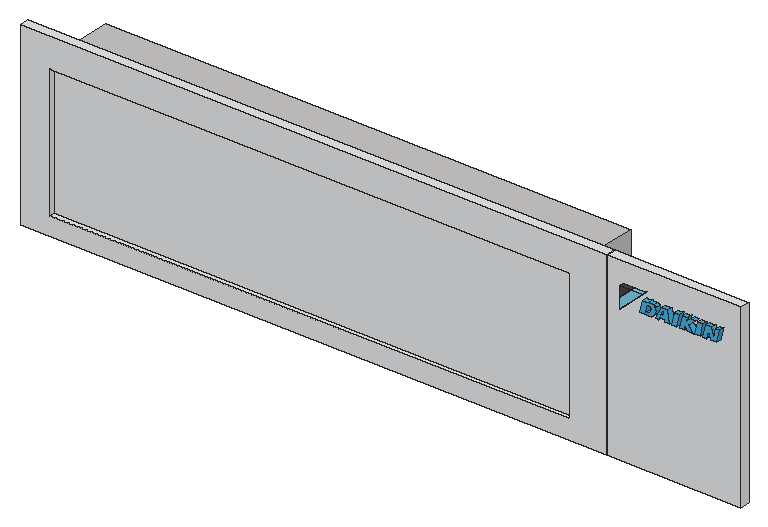
Revit family "outputfile", category 制気口, Revit 2024
Family settings
  丸型コネクタ寸法 = 直径を使用
  パーツ タイプ = 標準
  OmniClass 番号 = 23.75.70.21.27.11
  OmniClass タイトル = Diffusers, Registers, and Grilles
  作業面ベース = いいえ
  常に垂直 = はい
  ロード時にボイドで切り取り = いいえ
  注釈の向きを維持 = いいえ
  共有 = いいえ
  部屋計算ポイント = いいえ
Parameters (values of type "FPDAQ40APVM")
  Description = ""
  製造元 = "Daikin"
  書き出し IFC クラス(タイプ) = "IfcAirTerminalType"
  Default Elevation = 0 mm
  定義済み IFC タイプ(タイプ) = "GRILLE"
  Cost = 0
  モデル = "FPDAQ40APVM"
  Type Comments = ""
  Keynote = ""
  Type Image = (empty or 0)
  Assembly Code = ""
  Width = 722 mm
  Version = "ver.1.0"
  Unit Type = "3D Air Flow Ceiling Mounted Duct Type"
  Unit Designation [instance] = ""
  Uniclass2015Version = "Products v1.35"
  Uniclass2015Title = "Air grilles"
  Uniclass2015Code = "Pr_70_65_04_03"
  URL = ""
  Series = "VRV Fan Coil Unit"
  SA Duct Size Width = 456 mm
  SA Duct Size Height = 141 mm
  Material_Grille = DAIKIN_FreshWhite_Panel_indoorunit
  IfcVersion = ""
  IfcExportType = "GRILLE"
  IfcExportAs = "IfcAirTerminalType"
  Height = 180 mm
  FCU Tag No. [instance] = ""
  Design Supply Airflow [instance] = 0.00 m³/h
  Depth = 70 mm
Reference planes
  plane 1 "Center (Front/Back)": y = 0
  plane 2: z = 90
  plane 3 "Center (Left/Right)": x = 10
  plane 4: x = 371
  plane 5: x = 237
  plane 6: x = -351
  plane 7: z = -90
  plane 8: z = -90
  plane 9: z = -75
  plane 10: x = 304
  plane 11: x = -321
  plane 12 "Center (Elevation)": z = 0
  plane 13: y = -10
  plane 14: y = -5
  plane 15: y = 60
  plane 16: z = 70.5
  plane 17: x = 205
  plane 18: z = 60
  plane 19: z = -23
  plane 20: z = -70.5
  plane 21: x = 308.5
  plane 22: x = 268
  plane 23: x = -58
Forms (mm)
  Extrusion 1, solid, material "DAIKIN_FreshWhite_Panel_indoorunit" <- "Material_Grille"
    sketch origin (10, 0, 0) x (0, 1, 0) y (0, 0, 1)
      loop
        line (0, 90) -> (-10, 90) -> (-10, -90) -> (0, -90) -> (0, 90)
    from 227 to 361
  Extrusion 2, solid, material "DAIKIN_FreshWhite_Panel_indoorunit" <- "Material_Grille"
    sketch origin (10, 0, 0) x (0, 1, 0) y (0, 0, 1)
      loop
        line (-10, 90) -> (-10, -90) -> (0, -90) -> (0, 90) -> (-10, 90)
    from -361 to 227
  Extrusion 3, void
    sketch origin (0, 0, 0) x (1, 0, 0) y (0, 0, 1)
      loop
        line (-321, 61) -> (-321, -70.5) -> (200.5, -70.5) -> (200.5, 61) -> (-321, 61)
    from 10 to 5
  Extrusion 4, solid, material "DAIKIN_GalvanizedSteel_Casing_indoorunit"
    sketch origin (0, 0, 0) x (1, 0, 0) y (0, 1, 0)
      loop
        line (-321, 60) -> (-321, 0) -> (205, 0) -> (205, 60) -> (-321, 60)
    from -70.5 to 70.5
  Extrusion 5, solid, material "DAIKIN_GalvanizedSteel_Casing_indoorunit"
    sketch origin (0, 0, 0) x (1, 0, 0) y (0, 1, 0)
      loop
        line (283.049, 33) -> (269.7, 19.651) -> (269.7, 0) -> (338.3, 0) -> (338.3, 33) -> (283.049, 33)
    from -23 to 60
Cuts and joins
  Extrusion 3 cuts Extrusion 2
  Extrusion 3 cuts Extrusion 1
Dimensions and locks
  locked: plane 2 to plane 7 at 180
  locked: plane 2 to Extrusion 3 sketch curve at 29
  locked: plane 2 to plane 9 at 165
  locked: plane 4 to plane 5 at 134
  locked: plane 11 to plane 6 at 30
  locked: plane 13 to plane 1 "Center (Front/Back)" at 10
  equal spacing: plane 13, plane 14, plane 1 "Center (Front/Back)"
  plane 6 to plane 3 "Center (Left/Right)" = 361 mm
  equal spacing: plane 4, plane 10, plane 5
  locked: plane 2 to plane 16 at 19.5
  locked: plane 17 to plane 4 at 166
  equal spacing: Extrusion 5 sketch curve, plane 10, Extrusion 5 sketch curve
  locked: Extrusion 5 sketch curve to Extrusion 5 sketch curve at 68.6
  locked: plane 1 "Center (Front/Back)" to Extrusion 5 sketch curve at 33
  plane 2 to plane 18 = 30 mm  (x2)
  locked: plane 19 to plane 8 at 67
  locked: plane 20 to plane 8 at 19.5
  "Width": plane 6 to plane 4
  "Depth": plane 15 to plane 13
  "Height": plane 2 to plane 8
  locked: plane 4 to plane 21 at 62.5
  locked: plane 22 to plane 5 at 31
  equal spacing: plane 17, plane 23, plane 11
  equal spacing: plane 4, plane 3 "Center (Left/Right)", plane 6
  aligned and locked: Extrusion 1 to plane 5
  aligned and locked: plane 4 to Extrusion 1
  aligned and locked: plane 7 to Extrusion 2 sketch curve
  aligned and locked: Extrusion 2 to Extrusion 1
  aligned and locked: Extrusion 2 to plane 6
  aligned and locked: Extrusion 3 to plane 11
  aligned and locked: Extrusion 1 sketch curve to plane 2
  aligned and locked: plane 2 to Extrusion 2 sketch curve
  aligned and locked: level to plane 12 "Center (Elevation)"
  aligned and locked: Extrusion 1 sketch curve to plane 1 "Center (Front/Back)"
  aligned and locked: plane 1 "Center (Front/Back)" to Extrusion 4 sketch curve
  aligned and locked: plane 14 to Extrusion 3
  aligned and locked: plane 1 "Center (Front/Back)" to Extrusion 2 sketch curve
  aligned and locked: plane 13 to Extrusion 2 sketch curve
  aligned and locked: Extrusion 2 to Extrusion 3
  aligned and locked: plane 13 to Extrusion 1 sketch curve
  aligned and locked: plane 15 to Extrusion 4
  aligned and locked: Extrusion 4 to cut or joined group of Extrusion 2, Extrusion 3
  aligned and locked: nested 1 to plane 16
  aligned and locked: plane 10 to nested 1
  aligned and locked: nested 1 to plane 13
  aligned and locked: plane 17 to Extrusion 4
  aligned and locked: Extrusion 5 sketch curve to plane 1 "Center (Front/Back)"
  aligned and locked: plane 18 to Extrusion 5
  aligned and locked: Extrusion 5 to plane 19
  aligned and locked: Extrusion 4 to plane 20
  aligned and locked: Extrusion 3 to Extrusion 4
  aligned and locked: Extrusion 4 to plane 16
  aligned and locked: Extrusion 1 sketch curve to plane 8
Automatic sketch dimensions
  plane 6 to Extrusion 3 sketch curve = 30 mm
  Extrusion 3 sketch curve to plane 5 = 36.5 mm
  Extrusion 4 sketch curve to plane 10 = 99 mm
  Extrusion 4 sketch curve to plane 11 = 0 mm
  Extrusion 4 sketch curve to plane 1 "Center (Front/Back)" = 60 mm
  Extrusion 5 sketch curve to Extrusion 5 sketch curve = 13.349 mm  (x2)
  plane 20 to Extrusion 3 sketch curve = 0 mm
Nested families
  nested 1: "daikin_logo_elevation_w100" at (319, -10, 45.5), type "daikin_logo_elevation_w100"
    with show_logo yes
Connectors
  hvac at (-58, 60, 0), driven by "SA Duct Size Height", driven by "SA Duct Size Width", driven by "Design Supply Airflow"
    settings: on Extrusion 4, index 1, duct flow 0.00 m³/h, flow factor 0, pres drop 0.0 Pa, loss coef 0, conn angle 0.00°, conn width 456.0 mm, conn height 141.0 mm, conn diameter 609.6 mm, duct sys type 1, conn prof type 1, flow config 1, flow direction 1, loss method 4, conn ref index -1, conn util no, is conn primary yes, conn desc "SA Duct"
Definition of nested family "daikin_logo_elevation_w100"
  Parameters (values of type "daikin_logo_elevation_w100")
    width = 100 mm
    show_logo [instance] = yes
    material = none
    height = 25 mm
    depth = 5 mm
    Default Elevation = 0 mm
  Reference planes
    plane 1 "Center (Front/Back)": y = 0
    plane 2: z = 0
    plane 3 "Center (Left/Right)": x = -15
    plane 4 "left": x = -65
    plane 5 "right": x = 35
    plane 6: y = -5
    plane 7: z = 25
  Forms (mm)
    Extrusion 1, solid
      sketch origin (0, 0, 0) x (1, 0, 0) y (0, 0, 1)
        loop
          line (-65, 25) -> (-65, 14.753) -> (-53.814, 25) -> (-65, 25)
      from 0 to 5
    Extrusion 2, solid
      sketch origin (0, 0, 0) x (1, 0, 0) y (0, 0, 1)
        loop
          line (-42.019, 25) -> (-53.814, 25) -> (-65, 14.753) -> (-65, 3.87) -> (-42.019, 25)
      from 0 to 5
    Extrusion 3, solid
      sketch origin (0, 0, 0) x (1, 0, 0) y (0, 0, 1)
        loop
          line (-35.602, 20.041) -> (-41.486, 20.041) -> (-44.428, 8.274) -> (-35.602, 8.274)
          arc (-35.602, 8.274) -> (-32.105, 8.983) -> (-29.415, 11.329) r 6.978
          arc (-29.415, 11.329) -> (-28.233, 14.382) -> (-28.637, 17.63) r 6.701
          arc (-28.637, 17.63) -> (-29.469, 18.814) -> (-30.709, 19.559) r 3.49
          arc (-30.709, 19.559) -> (-33.138, 19.976) -> (-35.602, 20.041) r 17.114
        loop
          line (-38.544, 10.627) -> (-36.191, 10.627)
          arc (-36.191, 10.627) -> (-34.383, 11.838) -> (-33.335, 13.745) r 4.6
          arc (-33.335, 13.745) -> (-33.193, 15.202) -> (-33.538, 16.625) r 4.404
          arc (-33.538, 16.625) -> (-34.051, 17.128) -> (-34.72, 17.393) r 1.818
          line (-34.72, 17.393) -> (-37.073, 17.393) -> (-38.544, 10.627)
        loop
          line (-29.13, 8.274) -> (-25.894, 8.274) -> (-24.791, 10.333) -> (-20.158, 10.333) -> (-19.717, 8.274) -> (-14.422, 8.274) -> (-16.775, 20.041) -> (-22.659, 20.041) -> (-29.13, 8.274)
        loop
          line (-23.373, 12.98) -> (-20.725, 12.98) -> (-21.482, 16.511) -> (-23.373, 12.98)
        loop
          line (-10.009, 20.041) -> (-12.951, 8.274) -> (-7.95, 8.274) -> (-5.008, 20.041) -> (-10.009, 20.041)
        loop
          line (-5.008, 8.274) -> (-0.007, 8.274) -> (0.792, 11.472) -> (3.229, 8.274) -> (9.407, 8.274) -> (4.7, 14.451) -> (11.466, 20.041) -> (6.171, 20.041) -> (2.093, 16.672) -> (2.935, 20.041) -> (-2.066, 20.041) -> (-5.008, 8.274)
        loop
          line (10.583, 8.274) -> (15.879, 8.274) -> (18.82, 20.041) -> (13.819, 20.041) -> (10.583, 8.274)
        loop
          line (18.82, 8.274) -> (22.35, 8.274) -> (24.013, 14.925) -> (26.175, 8.274) -> (32.058, 8.274) -> (35, 20.041) -> (31.47, 20.041) -> (29.679, 12.878) -> (27.351, 20.041) -> (21.762, 20.041) -> (18.82, 8.274)
      from 0 to 5
  Lines and regions (mm)
    model lines
      curve 1: line (-42.019, 0, 25) -> (-52.024, 0, 25)
      curve 2: line (-52.024, 0, 25) -> (-65, 0, 13.114)
      curve 3: line (-65, 0, 13.114) -> (-65, 0, 3.87)
      curve 4: line (-65, 0, 3.87) -> (-42.019, 0, 25)
      curve 5: line (-65, 0, 14.753) -> (-65, 0, 25)
      curve 6: line (-65, 0, 25) -> (-53.814, 0, 25)
      curve 7: line (-53.814, 0, 25) -> (-65, 0, 14.753)
      curve 8: line (-20.725, 0, 12.98) -> (-23.373, 0, 12.98)
      curve 9: line (-23.373, 0, 12.98) -> (-21.482, 0, 16.511)
      curve 10: line (-21.482, 0, 16.511) -> (-20.725, 0, 12.98)
      curve 11: line (-19.717, 0, 8.274) -> (-20.158, 0, 10.333)
      curve 12: line (-20.158, 0, 10.333) -> (-24.791, 0, 10.333)
      curve 13: line (-24.791, 0, 10.333) -> (-25.894, 0, 8.274)
      curve 14: line (-25.894, 0, 8.274) -> (-29.13, 0, 8.274)
      curve 15: line (-29.13, 0, 8.274) -> (-22.659, 0, 20.041)
      curve 16: line (-22.659, 0, 20.041) -> (-16.775, 0, 20.041)
      curve 17: line (-36.191, 0, 10.627) -> (-38.544, 0, 10.627)
      curve 18: line (-38.544, 0, 10.627) -> (-37.073, 0, 17.393)
      curve 19: line (-37.073, 0, 17.393) -> (-34.72, 0, 17.393)
      curve 20: line (-5.008, 0, 20.041) -> (-10.009, 0, 20.041)
      curve 21: line (-10.009, 0, 20.041) -> (-12.951, 0, 8.274)
      curve 22: line (-12.951, 0, 8.274) -> (-7.95, 0, 8.274)
      curve 23: line (-7.95, 0, 8.274) -> (-5.008, 0, 20.041)
      curve 24: line (24.013, 0, 14.925) -> (22.35, 0, 8.274)
      curve 25: line (22.35, 0, 8.274) -> (18.82, 0, 8.274)
      curve 26: line (18.82, 0, 8.274) -> (21.762, 0, 20.041)
      curve 27: line (21.762, 0, 20.041) -> (27.351, 0, 20.041)
      curve 28: line (27.351, 0, 20.041) -> (29.679, 0, 12.878)
      curve 29: line (29.679, 0, 12.878) -> (31.47, 0, 20.041)
      curve 30: line (31.47, 0, 20.041) -> (35, 0, 20.041)
      curve 31: line (35, 0, 20.041) -> (32.058, 0, 8.274)
      curve 32: line (32.058, 0, 8.274) -> (26.175, 0, 8.274)
      curve 33: line (26.175, 0, 8.274) -> (24.013, 0, 14.925)
      curve 34: line (-16.775, 0, 20.041) -> (-14.422, 0, 8.274)
      curve 35: line (-14.422, 0, 8.274) -> (-19.717, 0, 8.274)
      curve 36: line (-35.602, 0, 20.041) -> (-41.486, 0, 20.041)
      curve 37: line (-41.486, 0, 20.041) -> (-44.428, 0, 8.274)
      curve 38: line (-44.428, 0, 8.274) -> (-35.602, 0, 8.274)
      curve 39: line (10.583, 0, 8.274) -> (15.879, 0, 8.274)
      curve 40: line (15.879, 0, 8.274) -> (18.82, 0, 20.041)
      curve 41: line (18.82, 0, 20.041) -> (13.819, 0, 20.041)
      curve 42: line (13.819, 0, 20.041) -> (10.583, 0, 8.274)
      curve 43: line (3.229, 0, 8.274) -> (0.792, 0, 11.472)
      curve 44: line (0.792, 0, 11.472) -> (-0.007, 0, 8.274)
      curve 45: line (-0.007, 0, 8.274) -> (-5.008, 0, 8.274)
      curve 46: line (-5.008, 0, 8.274) -> (-2.066, 0, 20.041)
      curve 47: line (-2.066, 0, 20.041) -> (2.935, 0, 20.041)
      curve 48: line (2.935, 0, 20.041) -> (2.093, 0, 16.672)
      curve 49: line (2.093, 0, 16.672) -> (6.171, 0, 20.041)
      curve 50: line (6.171, 0, 20.041) -> (11.466, 0, 20.041)
      curve 51: line (11.466, 0, 20.041) -> (4.7, 0, 14.451)
      curve 52: line (4.7, 0, 14.451) -> (9.407, 0, 8.274)
      curve 53: line (9.407, 0, 8.274) -> (3.229, 0, 8.274)
      curve 54: arc (-36.191, 0, 10.627) -> (-34.383, 0, 11.838) -> (-33.335, 0, 13.745) r 4.6
      curve 55: arc (-33.335, 0, 13.745) -> (-33.193, 0, 15.202) -> (-33.538, 0, 16.625) r 4.404
      curve 56: arc (-33.538, 0, 16.625) -> (-34.051, 0, 17.128) -> (-34.72, 0, 17.393) r 1.818
      curve 57: arc (-35.602, 0, 8.274) -> (-32.105, 0, 8.983) -> (-29.415, 0, 11.329) r 6.978
      curve 58: arc (-29.415, 0, 11.329) -> (-28.233, 0, 14.382) -> (-28.637, 0, 17.63) r 6.701
      curve 59: arc (-28.637, 0, 17.63) -> (-29.469, 0, 18.814) -> (-30.709, 0, 19.559) r 3.49
      curve 60: arc (-30.709, 0, 19.559) -> (-33.138, 0, 19.976) -> (-35.602, 0, 20.041) r 17.114
  Dimensions and locks
    "width": plane 4 "left" to plane 5 "right"
    "depth": plane 6 to plane 1 "Center (Front/Back)"
    equal spacing: plane 4 "left", plane 3 "Center (Left/Right)", plane 5 "right"
    "height": plane 7 to plane 2
    aligned and locked: level to plane 2
    aligned and locked: Extrusion 1 sketch curve to plane 4 "left"
    aligned and locked: Extrusion 1 sketch curve to plane 7
    aligned and locked: plane 7 to Extrusion 2 sketch curve
    aligned and locked: plane 4 "left" to Extrusion 2 sketch curve
    aligned and locked: Extrusion 3 to plane 6
    aligned and locked: Extrusion 1 to plane 6
    aligned and locked: Extrusion 2 to plane 6
  Automatic sketch dimensions
    plane 4 "left" to curve 5 = 0 mm
    plane 4 "left" to curve 2 = 0 mm
    curve 30 to plane 5 "right" = 0 mm
    curve 5 to curve 6 = 11.186 mm
    curve 6 to curve 2 = 1.79 mm
    curve 2 to curve 37 = 7.597 mm
    curve 2 to curve 1 = 10.005 mm
    curve 1 to curve 37 = 0.534 mm
    curve 37 to curve 18 = 5.884 mm
    curve 17 to curve 54 = 0.769 mm
    curve 54 to curve 55 = 0.188 mm
    curve 54 to curve 19 = 0.702 mm
    curve 17 to curve 17 = 2.353 mm
    curve 18 to curve 36 = 1.471 mm
    curve 17 to curve 38 = 0.588 mm
    curve 55 to curve 57 = 2.392 mm
    curve 57 to curve 56 = 0.152 mm
    curve 57 to curve 58 = 0.311 mm
    curve 57 to curve 60 = 0.787 mm
    curve 56 to curve 19 = 0.322 mm
    curve 19 to curve 59 = 2.873 mm
    curve 57 to curve 15 = 6.472 mm
    curve 14 to curve 13 = 3.236 mm
    curve 13 to curve 13 = 1.103 mm
    curve 12 to curve 8 = 1.418 mm
    curve 8 to curve 16 = 0.714 mm
    curve 15 to curve 10 = 1.177 mm
    curve 8 to curve 10 = 2.648 mm
    curve 8 to curve 12 = 0.567 mm
    curve 11 to curve 35 = 0.441 mm
    curve 16 to plane 3 "Center (Left/Right)" = 1.775 mm
    plane 3 "Center (Left/Right)" to curve 35 = 0.578 mm
    curve 34 to curve 21 = 1.471 mm
    plane 3 "Center (Left/Right)" to curve 21 = 4.991 mm
    curve 21 to curve 23 = 5.001 mm
    curve 20 to curve 23 = 5.001 mm
    curve 22 to curve 45 = 2.942 mm
    curve 20 to curve 47 = 2.942 mm
    curve 45 to curve 44 = 5.001 mm
    curve 44 to curve 44 = 0.799 mm
    curve 46 to curve 49 = 4.159 mm
    curve 49 to curve 48 = 0.842 mm
    curve 44 to curve 53 = 3.236 mm
    curve 48 to curve 52 = 2.607 mm
    curve 47 to curve 49 = 3.236 mm
    curve 43 to curve 53 = 6.178 mm
    curve 52 to curve 39 = 1.177 mm
    curve 49 to curve 51 = 5.295 mm
    curve 50 to curve 41 = 2.353 mm
    curve 39 to curve 39 = 5.295 mm
    curve 41 to curve 40 = 5.001 mm
    curve 39 to curve 25 = 2.942 mm
    curve 40 to curve 26 = 2.942 mm
    curve 25 to curve 24 = 3.53 mm
    curve 26 to curve 33 = 2.251 mm
    curve 24 to curve 33 = 3.824 mm
    curve 26 to curve 27 = 5.589 mm
    curve 29 to plane 5 "right" = 5.321 mm
    curve 29 to curve 30 = 3.53 mm
    curve 31 to plane 5 "right" = 2.942 mm
    curve 60 to plane 7 = 22.055 mm
    curve 60 to curve 3 = 0.925 mm
    curve 60 to curve 37 = 5.329 mm
    curve 60 to curve 34 = 5.329 mm
    curve 32 to curve 34 = 0 mm
    curve 39 to curve 32 = 0 mm
    curve 43 to curve 39 = 0 mm
    curve 26 to curve 39 = 0 mm
    curve 23 to curve 34 = 0 mm
    curve 13 to curve 11 = 0 mm
    curve 44 to curve 43 = 0 mm
    curve 11 to curve 11 = 2.059 mm
    curve 38 to curve 17 = 2.353 mm
    curve 44 to curve 43 = 3.198 mm
    curve 31 to curve 29 = 4.604 mm
    curve 12 to curve 8 = 2.648 mm
    curve 4 to curve 2 = 9.244 mm
    curve 43 to curve 51 = 2.98 mm
    curve 2 to curve 5 = 1.639 mm
    curve 17 to curve 55 = 4.265 mm
    curve 28 to curve 24 = 2.046 mm
    curve 55 to curve 54 = 0.053 mm
    curve 55 to curve 58 = 0.311 mm
    curve 58 to curve 57 = 0.037 mm
    curve 57 to curve 56 = 0.364 mm
    curve 58 to curve 59 = 1.057 mm
    curve 8 to curve 9 = 3.53 mm
    curve 51 to curve 48 = 2.22 mm
    curve 54 to curve 18 = 2.447 mm
    curve 22 to curve 21 = 11.767 mm
    curve 46 to curve 20 = 0 mm
    curve 24 to curve 26 = 5.116 mm
    curve 49 to curve 47 = 0 mm
    curve 42 to curve 50 = 0 mm
    curve 9 to curve 16 = 3.53 mm
    curve 29 to curve 27 = 0 mm
    curve 18 to curve 37 = 2.648 mm
    curve 36 to curve 6 = 4.959 mm
    curve 36 to curve 4 = 4.959 mm
    curve 19 to curve 55 = 1.182 mm
    curve 59 to curve 60 = 1.138 mm
    curve 58 to curve 14 = 0.285 mm
    Extrusion 1 sketch curve to plane 4 "left" = 11.186 mm
    Extrusion 1 sketch curve to plane 7 = 10.247 mm
    Extrusion 2 sketch curve to plane 4 "left" = 22.981 mm
    Extrusion 2 sketch curve to plane 7 = 10.247 mm
    level to Extrusion 2 sketch curve = 3.87 mm
    Extrusion 2 sketch curve to plane 4 "left" = 11.186 mm
    Extrusion 3 sketch curve to plane 7 = 4.959 mm  (x5)
    Extrusion 3 sketch curve to plane 3 "Center (Left/Right)" = 20.602 mm
    level to Extrusion 3 sketch curve = 2.945 mm
    Extrusion 3 sketch curve to Extrusion 3 sketch curve = 0.787 mm  (x2)
    Extrusion 3 sketch curve to Extrusion 3 sketch curve = 5.884 mm
    Extrusion 3 sketch curve to Extrusion 3 sketch curve = 4.894 mm
    Extrusion 3 sketch curve to Extrusion 3 sketch curve = 1.138 mm
    Extrusion 3 sketch curve to Extrusion 3 sketch curve = 3.299 mm
    Extrusion 3 sketch curve to Extrusion 3 sketch curve = 2.072 mm
    Extrusion 3 sketch curve to Extrusion 3 sketch curve = 3.036 mm
    Extrusion 3 sketch curve to Extrusion 3 sketch curve = 1.057 mm
    Extrusion 3 sketch curve to Extrusion 3 sketch curve = 2.432 mm
    Extrusion 3 sketch curve to Extrusion 3 sketch curve = 0.311 mm
    Extrusion 3 sketch curve to Extrusion 3 sketch curve = 0.037 mm
    Extrusion 3 sketch curve to Extrusion 3 sketch curve = 8.825 mm
    Extrusion 3 sketch curve to plane 7 = 7.607 mm
    Extrusion 3 sketch curve to Extrusion 3 sketch curve = 1.879 mm
    Extrusion 3 sketch curve to Extrusion 3 sketch curve = 2.942 mm  (x5)
    Extrusion 3 sketch curve to Extrusion 3 sketch curve = 0.163 mm
    Extrusion 3 sketch curve to Extrusion 3 sketch curve = 0.152 mm
    Extrusion 3 sketch curve to Extrusion 3 sketch curve = 0.364 mm
    Extrusion 3 sketch curve to Extrusion 3 sketch curve = 1.182 mm
    Extrusion 3 sketch curve to Extrusion 3 sketch curve = 2.392 mm
    Extrusion 3 sketch curve to Extrusion 3 sketch curve = 0.348 mm
    Extrusion 3 sketch curve to Extrusion 3 sketch curve = 1.548 mm
    Extrusion 3 sketch curve to Extrusion 3 sketch curve = 0.188 mm
    Extrusion 3 sketch curve to Extrusion 3 sketch curve = 0.053 mm
    Extrusion 3 sketch curve to Extrusion 3 sketch curve = 2.353 mm  (x2)
    Extrusion 3 sketch curve to Extrusion 3 sketch curve = 5.979 mm
    Extrusion 3 sketch curve to Extrusion 3 sketch curve = 0.285 mm
    Extrusion 3 sketch curve to plane 3 "Center (Left/Right)" = 1.775 mm
    Extrusion 3 sketch curve to Extrusion 3 sketch curve = 3.056 mm
    plane 3 "Center (Left/Right)" to Extrusion 3 sketch curve = 0.578 mm
    Extrusion 3 sketch curve to plane 3 "Center (Left/Right)" = 4.717 mm
    Extrusion 3 sketch curve to Extrusion 3 sketch curve = 0.441 mm
    Extrusion 3 sketch curve to Extrusion 3 sketch curve = 2.059 mm  (x2)
    Extrusion 3 sketch curve to Extrusion 3 sketch curve = 4.633 mm
    Extrusion 3 sketch curve to Extrusion 3 sketch curve = 1.103 mm
    Extrusion 3 sketch curve to Extrusion 3 sketch curve = 1.177 mm  (x2)
    Extrusion 3 sketch curve to Extrusion 3 sketch curve = 3.53 mm  (x2)
    Extrusion 3 sketch curve to Extrusion 3 sketch curve = 1.418 mm
    Extrusion 3 sketch curve to Extrusion 3 sketch curve = 2.648 mm  (x2)
    plane 3 "Center (Left/Right)" to Extrusion 3 sketch curve = 4.991 mm
    Extrusion 3 sketch curve to Extrusion 3 sketch curve = 1.471 mm
    Extrusion 3 sketch curve to Extrusion 3 sketch curve = 5.001 mm  (x4)
    Extrusion 3 sketch curve to Extrusion 3 sketch curve = 0 mm  (x8)
    Extrusion 3 sketch curve to plane 7 = 8.328 mm
    Extrusion 3 sketch curve to Extrusion 3 sketch curve = 0.842 mm
    Extrusion 3 sketch curve to Extrusion 3 sketch curve = 3.236 mm  (x2)
    Extrusion 3 sketch curve to Extrusion 3 sketch curve = 5.295 mm  (x2)
    Extrusion 3 sketch curve to Extrusion 3 sketch curve = 2.607 mm
    Extrusion 3 sketch curve to Extrusion 3 sketch curve = 2.22 mm
    Extrusion 3 sketch curve to Extrusion 3 sketch curve = 4.707 mm
    Extrusion 3 sketch curve to Extrusion 3 sketch curve = 6.178 mm
    Extrusion 3 sketch curve to Extrusion 3 sketch curve = 2.436 mm
    Extrusion 3 sketch curve to Extrusion 3 sketch curve = 3.198 mm
    Extrusion 3 sketch curve to Extrusion 3 sketch curve = 5.589 mm
    Extrusion 3 sketch curve to plane 5 "right" = 5.321 mm
    Extrusion 3 sketch curve to Extrusion 3 sketch curve = 7.163 mm
    Extrusion 3 sketch curve to plane 5 "right" = 3.53 mm
    Extrusion 3 sketch curve to plane 5 "right" = 0 mm
    Extrusion 3 sketch curve to plane 5 "right" = 2.942 mm
    Extrusion 3 sketch curve to Extrusion 3 sketch curve = 4.604 mm
    Extrusion 3 sketch curve to Extrusion 3 sketch curve = 3.504 mm
    Extrusion 3 sketch curve to Extrusion 3 sketch curve = 2.251 mm
    Extrusion 3 sketch curve to Extrusion 3 sketch curve = 5.116 mm
